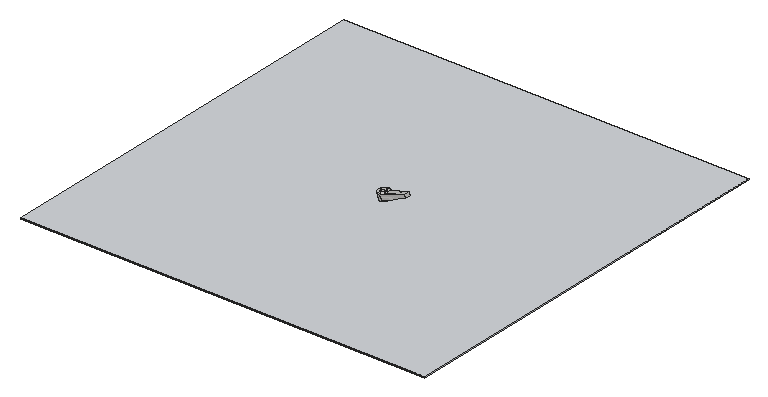
Revit family
Parameters (values of type "B-828")
  URL = "www.bobrick.com"
  Mounting Depth Location = if(Mounting Depth < 0' 0 1/4", 0' 0 1/4", if(Mounting Depth > Maximum Mounting Depth, Maximum Mounting Depth, Mounting Depth))  # 0' - 2"
  Mounting Depth = 0' - 2"
  Mounting Assembly Material = Plastic-Bobrick-Black
  Model = "B-828"
  Maximum Mounting Depth = 0' - 2"  # constant formula
  Manufacturer = "Bobrick Washroom Equipment, Inc."
  Fixture Material = Stainless Steel-Bobrick
  Description = "Automatic Lavatory-Mounted Foam Soap Dispenser"
  Default Elevation = 4' - 0"
  Bottle Material = Plastic-Bobrick-White
  Assembly Code = "C1030200"
Reference planes (in)
  plane 1 "Center (Front/Back)": y = 0
  plane 2: z = 0
  plane 3 "Center (Left/Right)": x = 0
  plane 4: x = 5.375
  plane 5: x = -1.375
  plane 6: z = 2.9375
  plane 7: z = -2
  plane 8: z = -2.75
  plane 9: z = -6.25
  plane 10: z = -11.625
  plane 11: z = -12.625
  plane 12: z = -16.625
  plane 13: x = 1.375
  plane 14: z = -4.5
  plane 15: z = 1.46875
  plane 16: x = -1.125
  plane 17: x = -0.75
  plane 18: z = 1.71875
  plane 19: x = -0.6875
  plane 20: x = 0.6875
  plane 21: z = 1.46875
Forms (in)
  Extrusion 1, solid
    sketch origin (0, 0, 0) x (1, 0, 0) y (0, 1, 0)
      loop
        line (-48, 48) -> (-48, -48) -> (48, -48) -> (48, 48) -> (-48, 48)
    from 0 to -0.25
  Revolve 2, solid, material "Stainless Steel-Bobrick" <- "Fixture Material"
    sketch origin (0, 0, 0) x (1, 0, 0) y (0, 0, 1)
      loop
        line (0, 1.71875) -> (-0.75, 1.71875) -> (-1.375, 1.46875) -> (-1.125, 0) -> (0, 0) -> (0, 1.71875)
      axis (0, 1.71875) -> (0, 0)
    angle from 0 to 360
  SweptBlend 3, solid, material "Stainless Steel-Bobrick" <- "Fixture Material"
    path origin (0, 0, 0) x (1, 0, 0) y (0, 0, 1)
      loop
        line (0, 1.46875) -> (5.375, 2.9375)
    profile origin (0, 0, 1.46875) x (-0.263592, 0, 0.964634) y (0, -1, 0)
      loop
        line (-1.38826, 1.10514) -> (-1.38826, -1.10514) -> (-0.25, -1.375) -> (0, -0.75) -> (0, 0.75) -> (-0.25, 1.375) -> (-1.38826, 1.10514)
    end profile origin (5.375, 0, 2.9375) x (-0.263592, 0, 0.964634) y (0, -1, 0)
      loop
        line (0, 0.66389) -> (-0.70404, 0.66389) -> (-0.70404, -0.58611) -> (0, -0.58611) -> (0, 0.66389)
  Extrusion 4, solid, material "Plastic-Bobrick-Black" <- "Mounting Assembly Material"
    sketch origin (0, 0, 0) x (1, 0, 0) y (0, 1, 0)
      loop
        circle (0, 0) r 0.6875
    from -4.5 to 0
  Extrusion 5, solid, material "Plastic-Bobrick-Black" <- "Mounting Assembly Material"
    sketch origin (0, 0, 0) x (1, 0, 0) y (0, 1, 0)
      loop
        circle (0, 0) r 1.25
    from -6.25 to -4.5
  Extrusion 6, solid, material "Plastic-Bobrick-Black" <- "Mounting Assembly Material"
    sketch origin (0, 0, 0) x (1, 0, 0) y (0, 1, 0)
      loop
        circle (0, 0) r 1
    from -2.75 to -2
  Revolve 7, solid, material "Plastic-Bobrick-White" <- "Bottle Material"
    sketch origin (0, 0, 0) x (1, 0, 0) y (0, 0, 1)
      loop
        line (0, -6.25) -> (-0.75, -6.25) -> (-0.75, -6.5) -> (-1.9375, -6.81819) -> (-1.9375, -11.625) -> (0, -11.625) -> (0, -6.25)
      axis (0, -6.25) -> (0, -11.625)
    angle from 0 to 360
  Revolve 8, solid, material "Plastic-Bobrick-Black" <- "Mounting Assembly Material"
    sketch origin (0, 0, 0) x (1, 0, 0) y (0, 0, 1)
      loop
        line (-1.9375, -16.625) -> (0, -16.625) -> (0, -11.625) -> (-1.5, -11.625) -> (-1.5, -12.625) -> (-1.9375, -12.625) -> (-1.9375, -16.625)
      axis (0, -11.625) -> (0, -16.625)
    angle from 0 to 360
Cuts and joins
  joined: Revolve 2, SweptBlend 3
Dimensions and locks (in)
  locked: plane 5 to plane 3 "Center (Left/Right)" at 1.375
  locked: plane 5 to plane 4 at 6.75
  locked: plane 6 to plane 2 at 2.9375
  "Mounting Depth Location": plane 2 to plane 7
  locked: plane 7 to plane 8 at 0.75
  locked: plane 2 to plane 9 at 6.25
  locked: plane 2 to plane 12 at 16.625
  locked: plane 11 to plane 12 at 4
  locked: plane 10 to plane 11 at 1
  locked: plane 13 to plane 3 "Center (Left/Right)" at 1.375
  locked: plane 14 to plane 9 at 1.75
  locked: plane 18 to plane 15 at 0.25
  locked: plane 3 "Center (Left/Right)" to plane 17 at 0.75
  locked: plane 3 "Center (Left/Right)" to plane 16 at 1.125
  locked: plane 18 to Extrusion 1 at 1.71875
  plane 20 to plane 3 "Center (Left/Right)" to plane 19 = 0' - 0 11/16" locked, 0' - 0 11/16" locked
  locked: Extrusion 4 sketch curve to plane 3 "Center (Left/Right)" at 0.6875
  locked: Extrusion 5 sketch curve to plane 3 "Center (Left/Right)" at 1.25
  locked: Extrusion 6 sketch curve to plane 3 "Center (Left/Right)" at 1
  locked: plane 3 "Center (Left/Right)" to Revolve 7 sketch curve at 0.75
  locked: plane 3 "Center (Left/Right)" to Revolve 7 sketch curve at 1.9375
  plane 3 "Center (Left/Right)" to Revolve 8 sketch curve = 0' - 1 1/2"
  locked: plane 3 "Center (Left/Right)" to Revolve 8 sketch curve at 1.9375
  cut or joined group of Revolve 2, SweptBlend 3 to cut or joined group of Revolve 2, SweptBlend 3 = 0' - 1 1/4"
  locked: plane 21 to level at 1.46875
  locked: Revolve 7 sketch curve to Revolve 7 sketch curve (angle 105.00°)
  aligned and locked: plane 2 to Extrusion 1
  aligned and locked: level to Extrusion 1
  aligned and locked: Revolve 2 sketch curve to plane 3 "Center (Left/Right)"  (x2)
  aligned and locked: plane 16 to Revolve 2 sketch curve
  aligned and locked: Revolve 2 sketch curve to plane 2
  aligned and locked: Revolve 2 sketch curve to plane 18
  aligned and locked: plane 17 to Revolve 2 sketch curve
  aligned and locked: plane 5 to Revolve 2 sketch curve
  aligned and locked: plane 15 to Revolve 2 sketch curve
  aligned and locked: plane 3 "Center (Left/Right)" to Extrusion 4 sketch curve
  aligned and locked: plane 1 "Center (Front/Back)" to Extrusion 4 sketch curve
  aligned: plane 7 to Extrusion 4
  aligned: Extrusion 4 to plane 9
  aligned and locked: plane 2 to Extrusion 4
  aligned and locked: Extrusion 4 to plane 14
  aligned and locked: Extrusion 5 to plane 9
  aligned and locked: plane 14 to Extrusion 5
  aligned and locked: plane 3 "Center (Left/Right)" to Extrusion 5 sketch curve
  aligned and locked: plane 1 "Center (Front/Back)" to Extrusion 5 sketch curve
  aligned and locked: plane 1 "Center (Front/Back)" to Extrusion 6 sketch curve
  aligned and locked: plane 3 "Center (Left/Right)" to Extrusion 6 sketch curve
  aligned and locked: Extrusion 6 to plane 8
  aligned and locked: plane 7 to Extrusion 6
  aligned and locked: Revolve 7 sketch curve to plane 3 "Center (Left/Right)"  (x2)
  aligned and locked: Revolve 7 sketch curve to plane 10
  aligned and locked: plane 9 to Revolve 7 sketch curve
  aligned and locked: Revolve 8 sketch curve to plane 12
  aligned and locked: Revolve 8 sketch curve to plane 10
  aligned and locked: Revolve 8 sketch curve to plane 11
  aligned and locked: Revolve 8 sketch curve to plane 3 "Center (Left/Right)"  (x2)
  aligned and locked: nested 1 to plane 2
  aligned and locked: plane 3 "Center (Left/Right)" to nested 1
  aligned and locked: nested 2 to plane 2
  aligned and locked: nested 2 to plane 1 "Center (Front/Back)"
  aligned and locked: plane 1 "Center (Front/Back)" to nested 3
  aligned and locked: plane 3 "Center (Left/Right)" to nested 3
  aligned and locked: plane 3 "Center (Left/Right)" to SweptBlend 3 sketch curve
  aligned and locked: plane 21 to SweptBlend 3 sketch curve
  aligned and locked: plane 4 to SweptBlend 3 sketch curve
  aligned and locked: plane 6 to SweptBlend 3 sketch curve
  aligned and locked: plane 1 "Center (Front/Back)" to SweptBlend 3 sketch curve
Automatic sketch dimensions
  Extrusion 1 sketch curve to Extrusion 1 sketch curve = 8' - 0"  (x2)
  Revolve 2 sketch curve to plane 12 = 0' - 7 3/8"
  plane 6 to Revolve 2 sketch curve = 8' - 3.78132"
  SweptBlend 3 sketch curve to profile plane = 0' - 0"  (x2)
  SweptBlend 3 sketch curve to SweptBlend 3 sketch curve = 0' - 0.70404"
  SweptBlend 3 sketch curve to plane 1 "Center (Front/Back)" = 0' - 0.58611"
  plane 1 "Center (Front/Back)" to SweptBlend 3 sketch curve = 0' - 0.66389"
  profile plane to SweptBlend 3 sketch curve = 0' - 0 1/4"  (x2)
  SweptBlend 3 sketch curve to plane 1 "Center (Front/Back)" = 0' - 0 3/4"
  SweptBlend 3 sketch curve to plane 1 "Center (Front/Back)" = 0' - 1.10514"
  SweptBlend 3 sketch curve to SweptBlend 3 sketch curve = 0' - 0 5/8"  (x2)
  SweptBlend 3 sketch curve to SweptBlend 3 sketch curve = 0' - 1.13826"
  plane 1 "Center (Front/Back)" to SweptBlend 3 sketch curve = 0' - 0 3/4"
  plane 1 "Center (Front/Back)" to SweptBlend 3 sketch curve = 0' - 1.10514"
  Revolve 7 sketch curve to plane 12 = 0' - 7 3/8"
  Revolve 7 sketch curve to plane 9 = 0' - 0 1/4"
  plane 6 to Revolve 7 sketch curve = 8' - 3.78132"
  Revolve 8 sketch curve to plane 12 = 0' - 7 3/8"
  plane 6 to Revolve 8 sketch curve = 8' - 3.78132"
Nested families (in)
  nested 1: "Soap_Dispenser-Bobrick-Front_Detail" at (0, 0, 0) x (1, 0, 0) z (0, -1, 0), type "Soap_Dispenser-Bobrick-Front_Detail"
  nested 2: "Soap_Dispenser-Bobrick-Side_Detail" at (0, 0, 0) x (0, 1, 0) z (1, 0, 0), type "Soap_Dispenser-Bobrick-Side_Detail"
  nested 3: "Soap_Dispenser-Bobrick-Plan_Detail" at (0, 0, 0), type "Soap_Dispenser-Bobrick-Plan_Detail"
Definition of nested family "Soap_Dispenser-Bobrick-Front_Detail"
  Parameters (values of type "Soap_Dispenser-Bobrick-Front_Detail")
    Mounting Depth Location = if(Mounting Depth < 0' 0 1/4", 0' 0 1/4", if(Mounting Depth > Maximum Mounting Depth, Maximum Mounting Depth, Mounting Depth))  # 0' - 1"
    Mounting Depth = 0' - 1"
    Maximum Mounting Depth = 0' - 2"
  Reference planes (in)
    plane 1 "Center (Front/Back)": y = 0
    plane 2: z = 0
    plane 3 "Center (Left/Right)": x = 0
    plane 4: y = -1
    plane 5: y = -1.75
    plane 6: y = -4.5
    plane 7: y = -6.25
    plane 8: y = -6.81819
    plane 9: y = -11.625
    plane 10: y = -12.625
    plane 11: y = -16.625
    plane 12: y = -6.5
    plane 13: x = -1
    plane 14: x = 1
    plane 15: x = -1.25
    plane 16: x = 1.25
    plane 17: x = -1.9375
    plane 18: x = 1.9375
    plane 19: x = -1.5
    plane 20: x = 1.5
  Lines and regions (in)
    Masking region 1, in view "Ref. Level"
      outline origin (0, 0, 0) x (1, 0, 0) y (0, 1, 0)
        loop
          line (5.5544, 2.2567) -> (5.375, 2.9375) -> (0.75, 1.71875) -> (-0.75, 1.71875) -> (-1.375, 1.46875) -> (-1.125, 0) -> (1.125, 0) -> (1.21695, 0.52857) -> (5.5544, 2.2567)
    Masking region 2, in view "Ref. Level"
      outline origin (0, 0, 0) x (1, 0, 0) y (0, 1, 0)
        loop
          line (-0.6875, 0) -> (-0.6875, -4.5) -> (-1.25, -4.5) -> (-1.25, -6.25) -> (1.25, -6.25) -> (1.25, -4.5) -> (0.6875, -4.5) -> (0.6875, 0) -> (-0.6875, 0)
    Masking region 3, in view "Ref. Level"
      outline origin (0, 0, 0) x (1, 0, 0) y (0, 1, 0)
        loop
          line (-1, -1) -> (-1, -1.75) -> (1, -1.75) -> (1, -1) -> (-1, -1)
    Masking region 4, in view "Ref. Level"
      outline origin (0, 0, 0) x (1, 0, 0) y (0, 1, 0)
        loop
          line (-1, -6.25) -> (-1, -6.56699) -> (-1.9375, -6.81819) -> (-1.9375, -11.625) -> (-1.5, -11.625) -> (-1.5, -12.625) -> (-1.9375, -12.625) -> (-1.9375, -16.625) -> (1.9375, -16.625) -> (1.9375, -12.625) -> (1.5, -12.625) -> (1.5, -11.625) -> (1.9375, -11.625) -> (1.9375, -6.81819) -> (1, -6.56699) -> (1, -6.25) -> (-1, -6.25)
    detail lines, in view "Ref. Level"
      curve 1: line (-0.6875, -4.5, 0) -> (0.6875, -4.5, 0)
      curve 2: line (-1.9375, -6.81819, 0) -> (1.9375, -6.81819, 0)
      curve 3: line (-1.5, -11.625, 0) -> (1.5, -11.625, 0)
      curve 4: line (-1.5, -12.625, 0) -> (1.5, -12.625, 0)
  Dimensions and locks (in)
    locked: plane 4 to plane 5 at 0.75
    plane 13 to plane 3 "Center (Left/Right)" to plane 14 = 0' - 1" locked, 0' - 1" locked
    "Mounting Depth Location": plane 4 to plane 1 "Center (Front/Back)"
    locked: plane 7 to plane 1 "Center (Front/Back)" at 6.25
    locked: plane 7 to plane 8 at 0.56819
    locked: plane 11 to plane 1 "Center (Front/Back)" at 16.625
    locked: plane 10 to plane 11 at 4
    locked: plane 9 to plane 10 at 1
    plane 7 to plane 9 = 0' - 5 3/8"
    locked: plane 6 to plane 7 at 1.75
    aligned and locked: plane 4 to Masking region 3
    aligned and locked: Masking region 3 to plane 5
    aligned and locked: plane 7 to Masking region 4
    aligned and locked: plane 8 to Masking region 4  (x2)
    aligned: plane 12 to Masking region 4  (x2)
    aligned and locked: Masking region 4 to plane 9  (x2)
    aligned and locked: plane 10 to Masking region 4  (x2)
    aligned and locked: Masking region 4 to plane 11
    aligned and locked: plane 13 to Masking region 3
    aligned and locked: plane 14 to Masking region 3
    aligned and locked: plane 17 to Masking region 4
    aligned and locked: Masking region 4 to plane 17
    aligned and locked: plane 19 to Masking region 4
    aligned and locked: plane 20 to Masking region 4
    aligned and locked: plane 18 to Masking region 4  (x2)
    aligned and locked: plane 13 to Masking region 4
    aligned and locked: plane 14 to Masking region 4
    aligned and locked: plane 16 to Masking region 2
    aligned and locked: plane 15 to Masking region 2
    aligned and locked: plane 19 to curve 4
    aligned and locked: curve 4 to plane 10
    aligned and locked: plane 20 to curve 4
    aligned and locked: curve 3 to plane 9
    aligned and locked: plane 19 to curve 3
    aligned and locked: plane 20 to curve 3
    aligned and locked: curve 2 to plane 8
    aligned and locked: plane 17 to curve 2
    aligned and locked: plane 18 to curve 2
    aligned and locked: curve 1 to plane 6
    aligned and locked: Masking region 2 to curve 1
    aligned and locked: curve 1 to Masking region 2
  Automatic sketch dimensions
    plane 1 "Center (Front/Back)" to Masking region 1 sketch curve = 0' - 0"
    Masking region 1 sketch curve to plane 15 = 0' - 0 1/8"
    Masking region 1 sketch curve to plane 13 = 0' - 0 1/8"
    plane 13 to Masking region 1 sketch curve = 0' - 0 1/4"
    Masking region 1 sketch curve to plane 14 = 0' - 0 1/4"
    plane 14 to Masking region 1 sketch curve = 0' - 0 1/8"
    Masking region 1 sketch curve to plane 16 = 0' - 0.03305"
    plane 18 to Masking region 1 sketch curve = 0' - 3 7/16"
    Masking region 1 sketch curve to plane 1 "Center (Front/Back)" = 0' - 2.2567"
    Masking region 1 sketch curve to Masking region 1 sketch curve = 0' - 0.1794"
    Masking region 1 sketch curve to plane 1 "Center (Front/Back)" = 0' - 0.52857"
    Masking region 1 sketch curve to plane 1 "Center (Front/Back)" = 0' - 1 15/32"
    Masking region 1 sketch curve to Masking region 1 sketch curve = 0' - 1.19018"
    Masking region 2 sketch curve to plane 7 = 0' - 0"
    Masking region 2 sketch curve to plane 15 = 0' - 0"
    Masking region 2 sketch curve to plane 6 = 0' - 0"  (x2)
    plane 1 "Center (Front/Back)" to Masking region 2 sketch curve = 0' - 0"
    Masking region 2 sketch curve to plane 16 = 0' - 0"
    plane 13 to Masking region 2 sketch curve = 0' - 0 5/16"
    Masking region 2 sketch curve to plane 14 = 0' - 0 5/16"
    Masking region 3 sketch curve to plane 5 = 0' - 0"
    Masking region 3 sketch curve to plane 13 = 0' - 0"
    Masking region 3 sketch curve to plane 14 = 0' - 0"
    Masking region 3 sketch curve to plane 4 = 0' - 0"
    Masking region 4 sketch curve to plane 11 = 0' - 0"
    Masking region 4 sketch curve to plane 17 = 0' - 0"  (x2)
    Masking region 4 sketch curve to plane 8 = 0' - 0"  (x2)
    Masking region 4 sketch curve to plane 9 = 0' - 0"  (x2)
    Masking region 4 sketch curve to plane 19 = 0' - 0"
    Masking region 4 sketch curve to plane 13 = 0' - 0"
    Masking region 4 sketch curve to plane 7 = 0' - 0"
    Masking region 4 sketch curve to plane 14 = 0' - 0"
    Masking region 4 sketch curve to plane 20 = 0' - 0"
    Masking region 4 sketch curve to plane 10 = 0' - 0"  (x2)
    Masking region 4 sketch curve to plane 18 = 0' - 0"  (x2)
    Masking region 4 sketch curve to plane 12 = 0' - 0.06699"  (x2)
Definition of nested family "Soap_Dispenser-Bobrick-Side_Detail"
  Parameters (values of type "Soap_Dispenser-Bobrick-Side_Detail")
    Mounting Depth Location = if(Mounting Depth < 0' 0 1/4", 0' 0 1/4", if(Mounting Depth > Maximum Mounting Depth, Maximum Mounting Depth, Mounting Depth))  # 0' - 1"
    Mounting Depth = 0' - 1"
    Maximum Mounting Depth = 0' - 2"
  Reference planes (in)
    plane 1 "Center (Front/Back)": y = 0
    plane 2: z = 0
    plane 3 "Center (Left/Right)": x = 0
    plane 4: y = -1
    plane 5: y = -1.75
    plane 6: y = -4.5
    plane 7: y = -6.25
    plane 8: y = -6.81819
    plane 9: y = -11.625
    plane 10: y = -12.625
    plane 11: y = -16.625
    plane 12: y = -6.5
    plane 13: x = -1
    plane 14: x = 1
    plane 15: x = -1.25
    plane 16: x = 1.25
    plane 17: x = -1.9375
    plane 18: x = 1.9375
    plane 19: x = -1.5
    plane 20: x = 1.5
    plane 21: y = 2.9375
  Lines and regions (in)
    Masking region 1, in view "Ref. Level"
      outline origin (0, 0, 0) x (1, 0, 0) y (0, 1, 0)
        loop
          line (-1.0625, 1.59375) -> (-1.375, 1.46875) -> (-1.125, 0) -> (1.125, 0) -> (1.38016, 1.46669) -> (1.0625, 1.59375) -> (0.625, 2.9375) -> (-0.625, 2.9375) -> (-1.0625, 1.59375)
    Masking region 2, in view "Ref. Level"
      outline origin (0, 0, 0) x (1, 0, 0) y (0, 1, 0)
        loop
          line (-0.6875, 0) -> (-0.6875, -4.5) -> (-1.25, -4.5) -> (-1.25, -6.25) -> (1.25, -6.25) -> (1.25, -4.5) -> (0.6875, -4.5) -> (0.6875, 0) -> (-0.6875, 0)
    Masking region 3, in view "Ref. Level"
      outline origin (0, 0, 0) x (1, 0, 0) y (0, 1, 0)
        loop
          line (-1, -1) -> (-1, -1.75) -> (1, -1.75) -> (1, -1) -> (-1, -1)
    Masking region 4, in view "Ref. Level"
      outline origin (0, 0, 0) x (1, 0, 0) y (0, 1, 0)
        loop
          line (-1, -6.25) -> (-1, -6.56699) -> (-1.9375, -6.81819) -> (-1.9375, -11.625) -> (-1.5, -11.625) -> (-1.5, -12.625) -> (-1.9375, -12.625) -> (-1.9375, -16.625) -> (1.9375, -16.625) -> (1.9375, -12.625) -> (1.5, -12.625) -> (1.5, -11.625) -> (1.9375, -11.625) -> (1.9375, -6.81819) -> (1, -6.56699) -> (1, -6.25) -> (-1, -6.25)
    detail lines, in view "Ref. Level"
      curve 1: line (-0.6875, -4.5, 0) -> (0.6875, -4.5, 0)
      curve 2: line (-1.9375, -6.81819, 0) -> (1.9375, -6.81819, 0)
      curve 3: line (-1.5, -11.625, 0) -> (1.5, -11.625, 0)
      curve 4: line (-1.5, -12.625, 0) -> (1.5, -12.625, 0)
      curve 5: line (-0.625, 2.9375, 0) -> (-0.625, 2.4375, 0)
      curve 6: line (0.625, 2.9375, 0) -> (0.625, 2.4375, 0)
      curve 7: line (0.625, 2.4375, 0) -> (-0.625, 2.4375, 0)
  Dimensions and locks (in)
    locked: plane 4 to plane 5 at 0.75
    plane 13 to plane 3 "Center (Left/Right)" to plane 14 = 0' - 1" locked, 0' - 1" locked
    "Mounting Depth Location": plane 4 to plane 1 "Center (Front/Back)"
    locked: plane 7 to plane 1 "Center (Front/Back)" at 6.25
    locked: plane 7 to plane 8 at 0.56819
    locked: plane 11 to plane 1 "Center (Front/Back)" at 16.625
    locked: plane 10 to plane 11 at 4
    locked: plane 9 to plane 10 at 1
    plane 7 to plane 9 = 0' - 5 3/8"
    locked: plane 6 to plane 7 at 1.75
    aligned and locked: plane 4 to Masking region 3
    aligned and locked: Masking region 3 to plane 5
    aligned and locked: plane 7 to Masking region 4
    aligned and locked: plane 8 to Masking region 4  (x2)
    aligned: plane 12 to Masking region 4  (x2)
    aligned and locked: Masking region 4 to plane 9  (x2)
    aligned and locked: plane 10 to Masking region 4  (x2)
    aligned and locked: Masking region 4 to plane 11
    aligned and locked: plane 13 to Masking region 3
    aligned and locked: plane 14 to Masking region 3
    aligned and locked: plane 17 to Masking region 4
    aligned and locked: Masking region 4 to plane 17
    aligned and locked: plane 19 to Masking region 4
    aligned and locked: plane 20 to Masking region 4
    aligned and locked: plane 18 to Masking region 4  (x2)
    aligned and locked: plane 13 to Masking region 4
    aligned and locked: plane 14 to Masking region 4
    aligned and locked: plane 16 to Masking region 2
    aligned and locked: plane 15 to Masking region 2
    aligned and locked: plane 19 to curve 4
    aligned and locked: curve 4 to plane 10
    aligned and locked: plane 20 to curve 4
    aligned and locked: curve 3 to plane 9
    aligned and locked: plane 19 to curve 3
    aligned and locked: plane 20 to curve 3
    aligned and locked: curve 2 to plane 8
    aligned and locked: plane 17 to curve 2
    aligned and locked: plane 18 to curve 2
    aligned and locked: curve 1 to plane 6
    aligned and locked: Masking region 2 to curve 1
    aligned and locked: curve 1 to Masking region 2
    aligned and locked: Masking region 1 sketch curve to plane 21
  Automatic sketch dimensions
    Masking region 2 sketch curve to plane 7 = 0' - 0"
    Masking region 2 sketch curve to plane 15 = 0' - 0"
    Masking region 2 sketch curve to plane 6 = 0' - 0"  (x2)
    plane 1 "Center (Front/Back)" to Masking region 2 sketch curve = 0' - 0"
    Masking region 2 sketch curve to plane 16 = 0' - 0"
    plane 13 to Masking region 2 sketch curve = 0' - 0 5/16"
    Masking region 2 sketch curve to plane 14 = 0' - 0 5/16"
    Masking region 3 sketch curve to plane 5 = 0' - 0"
    Masking region 3 sketch curve to plane 13 = 0' - 0"
    Masking region 3 sketch curve to plane 14 = 0' - 0"
    Masking region 3 sketch curve to plane 4 = 0' - 0"
    Masking region 4 sketch curve to plane 11 = 0' - 0"
    Masking region 4 sketch curve to plane 17 = 0' - 0"  (x2)
    Masking region 4 sketch curve to plane 8 = 0' - 0"  (x2)
    Masking region 4 sketch curve to plane 9 = 0' - 0"  (x2)
    Masking region 4 sketch curve to plane 19 = 0' - 0"
    Masking region 4 sketch curve to plane 13 = 0' - 0"
    Masking region 4 sketch curve to plane 7 = 0' - 0"
    Masking region 4 sketch curve to plane 14 = 0' - 0"
    Masking region 4 sketch curve to plane 20 = 0' - 0"
    Masking region 4 sketch curve to plane 10 = 0' - 0"  (x2)
    Masking region 4 sketch curve to plane 18 = 0' - 0"  (x2)
    Masking region 4 sketch curve to plane 12 = 0' - 0.06699"  (x2)
    plane 1 "Center (Front/Back)" to Masking region 1 sketch curve = 0' - 0"
    Masking region 1 sketch curve to plane 15 = 0' - 0 1/8"
    Masking region 1 sketch curve to plane 13 = 0' - 0 1/8"
    Masking region 1 sketch curve to plane 13 = 0' - 0 1/16"
    plane 13 to Masking region 1 sketch curve = 0' - 0 3/8"
    plane 14 to Masking region 1 sketch curve = 0' - 0 1/16"
    plane 14 to Masking region 1 sketch curve = 0' - 0 1/8"
    Masking region 1 sketch curve to plane 20 = 0' - 0.11984"
    Masking region 1 sketch curve to Masking region 1 sketch curve = 0' - 0 1/8"
    Masking region 1 sketch curve to plane 1 "Center (Front/Back)" = 0' - 1 15/32"
    Masking region 1 sketch curve to plane 14 = 0' - 0 3/8"
    Masking region 1 sketch curve to plane 1 "Center (Front/Back)" = 0' - 1.46669"
    Masking region 1 sketch curve to Masking region 1 sketch curve = 0' - 0.12706"
    curve 5 to plane 21 = 0' - 0"
    curve 6 to plane 21 = 0' - 0"
    plane 13 to curve 7 = 0' - 0 3/8"
    curve 6 to plane 14 = 0' - 0 3/8"
    curve 7 to curve 6 = 0' - 0 1/2"
Definition of nested family "Soap_Dispenser-Bobrick-Plan_Detail"
  Reference planes (in)
    plane 1 "Center (Front/Back)": y = 0
    plane 2: z = 0
    plane 3 "Center (Left/Right)": x = 0
  Lines and regions (in)
    Masking region 1, in view "Ref. Level"
      outline origin (0, 0, 0) x (1, 0, 0) y (0, 1, 0)
        loop
          arc (0, 1.375) -> (-1.375, 0) -> (0, -1.375) r 1.375
          line (0, -1.375) -> (5.375, -0.625) -> (5.375, 0.625) -> (0, 1.375)
    detail lines, in view "Ref. Level"
      curve 1: circle (0, 0, 0) r 0.875 normal (0, 0, 1)
      curve 2: line (0, 0.875, 0) -> (5.375, 0.625, 0)
      curve 3: line (0, -0.875, 0) -> (5.375, -0.625, 0)
  Dimensions and locks (in)
    locked: plane 3 "Center (Left/Right)" to Masking region 1 sketch curve at 5.375
    locked: Masking region 1 sketch curve to plane 3 "Center (Left/Right)" at 1.375
    Masking region 1 sketch curve to plane 1 "Center (Front/Back)" to Masking region 1 sketch curve = 0' - 0 5/8" locked, 0' - 0 5/8" locked
    Masking region 1 sketch curve to plane 1 "Center (Front/Back)" to Masking region 1 sketch curve = 0' - 1 3/8" locked, 0' - 1 3/8" locked
    locked: curve 1 to plane 3 "Center (Left/Right)" at 0.875
    curve 2 to curve 3 = 0' - 1 1/4"
    aligned and locked: plane 3 "Center (Left/Right)" to Masking region 1 sketch curve
    aligned and locked: plane 1 "Center (Front/Back)" to Masking region 1 sketch curve
    aligned and locked: plane 3 "Center (Left/Right)" to curve 1
    aligned and locked: plane 1 "Center (Front/Back)" to curve 1
